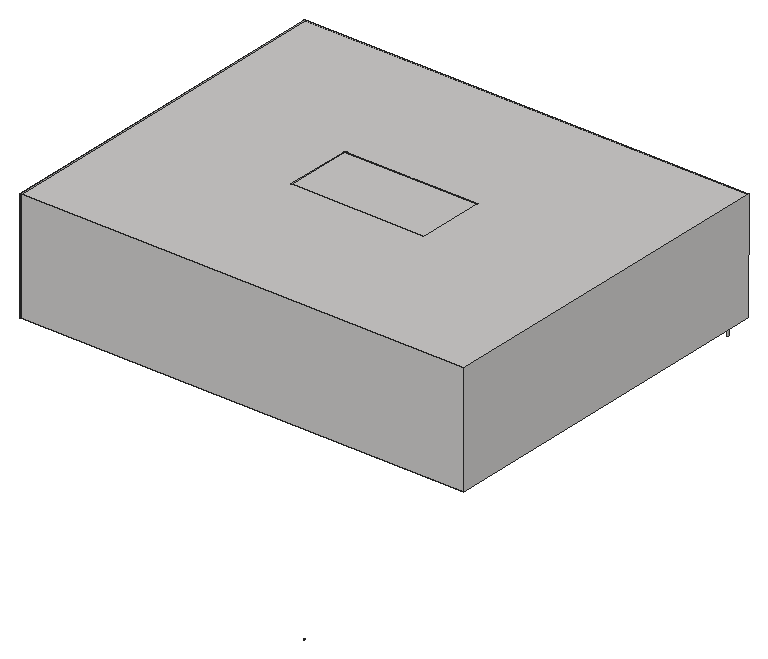
Revit family "QF_ELECTROLUXPROFESSIONAL_640280_VAP1620", category Specialty Equipment, Revit 2014
Reference planes
  plane 1: z = 0
  plane 2 "Center (Left/Right)": x = 150
  plane 3 "LEFT": x = -850
  plane 4 "RIGHT": x = 1150
  plane 5 "BACK": y = 550
  plane 6 "TOP": z = 2500
  plane 7 "Base": z = 2000
  plane 8: z = 1970
  plane 9 "DrainY": y = 450
  plane 10: x = -847
  plane 11 "DrainX": x = 1137
  plane 12 "AOLeft2": x = 450
  plane 13: x = 1147
  plane 14: x = -650
  plane 15: x = 950
  plane 16: x = 50
  plane 17: x = 250
  plane 18 "Center (Front/Back)": y = -250
  plane 19 "Front": y = -1050
  plane 20 "AOLeft1": x = -150
  plane 21: through (0, 550, 2133.855) normal (0, 0.5299, 0.848)
  plane 22: through (0, -1050, 2133.855) normal (0, 0.5299, -0.848)
  plane 23: y = -100
  plane 24: y = -400
Forms (mm)
  Extrusion 1, solid, material "QF_Finishes_Stainless Steel"
    sketch origin (-850, 0, 360) x (0, 1, 0) y (0, 0, 1)
      loop
        line (550, 1640) -> (550, 2140) -> (-1050, 2140) -> (-1050, 1640) -> (550, 1640)
    from 0 to 3
  Extrusion 2, solid, material "QF_Finishes_Stainless Steel"
    sketch origin (1150, 0, 360) x (0, 1, 0) y (0, 0, 1)
      loop
        line (550, 1640) -> (550, 2140) -> (-1050, 2140) -> (-1050, 1640) -> (550, 1640)
    from 0 to -3
  Extrusion 3, solid, material "QF_Finishes_Stainless Steel"
    sketch origin (150, 0, 360) x (0, 1, 0) y (0, 0, 1)
      loop
        line (-1050, 2140) -> (-1050, 1640) -> (-1040, 1640) -> (-1040, 1640.8) -> (-1049.2, 1640.8) -> (-1049.2, 2139.19) -> (549.2, 2139.19) -> (549.2, 1640.8) -> (540, 1640.8) -> (540, 1640) -> (550, 1640) -> (550, 2140) -> (-1050, 2140)
    from -1000 to 1000
  Extrusion 4, solid, material "QF_Finishes_Stainless Steel"
    sketch origin (0, 0, 2000) x (0, 1, 0) y (-1, 0, 0)
      loop
        circle (450, -1137) r 4.763
    from -30 to 0
  Extrusion 5, void
    sketch origin (0, 400, 2500) x (0, 1, 0) y (-1, 0, 0)
      loop
        line (-500, -450) -> (-500, 150) -> (-800, 150) -> (-800, -450) -> (-500, -450)
    from 0 to -10
  Extrusion 6, solid, material "QF_Finishes_Stainless Steel"
    sketch origin (0, 0, 0) x (1, 0, 0) y (0, 1, 0)
      loop
        line (-850, 550) -> (-850, 549) -> (-849, 549) -> (-849, 550) -> (-850, 550)
    from 0 to 1
  Extrusion 7, solid, material "QF_Finishes_Stainless Steel"
    sketch origin (150, 0, 360) x (0, 1, 0) y (0, 0, 1)
      loop
        line (503.5, 1837.574) -> (207.375, 2022.621) -> (192.198, 1998.364) -> (488.366, 1813.348) -> (503.5, 1837.574)
      loop
        line (-1003.5, 1837.574) -> (-988.366, 1813.348) -> (-692.198, 1998.364) -> (-707.375, 2022.621) -> (-1003.5, 1837.574)
    from -800 to -997
  Extrusion 8, solid, material "QF_Finishes_Stainless Steel"
    sketch origin (150, 0, 360) x (0, 1, 0) y (0, 0, 1)
      loop
        line (549.2, 1775.312) -> (472.742, 1823.075) -> (472.313, 1822.387) -> (549.2, 1774.355) -> (549.2, 1775.312)
      loop
        line (202.48, 1991.938) -> (126.212, 2039.602) -> (-626.212, 2039.602) -> (-702.48, 1991.938) -> (-702.062, 1991.27) -> (-626, 2038.801) -> (126, 2038.801) -> (202.063, 1991.27) -> (202.48, 1991.938)
      loop
        line (-1049.2, 1775.312) -> (-1049.2, 1774.355) -> (-972.312, 1822.387) -> (-972.742, 1823.075) -> (-1049.2, 1775.312)
    from -997 to 997
  Extrusion 9, solid, material "QF_Finishes_Stainless Steel"
    sketch origin (150, 0, 360) x (0, 1, 0) y (0, 0, 1)
      loop
        line (-707.375, 2022.621) -> (-1003.5, 1837.574) -> (-988.366, 1813.348) -> (-692.198, 1998.364) -> (-707.375, 2022.621)
      loop
        line (503.5, 1837.574) -> (207.375, 2022.621) -> (192.198, 1998.364) -> (488.366, 1813.348) -> (503.5, 1837.574)
    from 997 to 800
  Extrusion 10, solid, material "QF_Finishes_Stainless Steel"
    sketch origin (150, 0, 360) x (0, 1, 0) y (0, 0, 1)
      loop
        line (-707.375, 2022.621) -> (-1003.5, 1837.574) -> (-988.366, 1813.348) -> (-692.198, 1998.364) -> (-707.375, 2022.621)
      loop
        line (503.5, 1837.574) -> (207.375, 2022.621) -> (192.198, 1998.364) -> (488.366, 1813.348) -> (503.5, 1837.574)
    from -100 to 100
  Extrusion 11, solid, material "QF_Finished_Chrome"
    sketch origin (150, 0, 360) x (0, 1, 0) y (0, 0, 1)
      loop
        line (503.5, 1837.574) -> (207.375, 2022.621) -> (192.198, 1998.364) -> (488.366, 1813.348) -> (503.5, 1837.574)
      loop
        line (-707.375, 2022.621) -> (-1003.5, 1837.574) -> (-988.366, 1813.348) -> (-692.198, 1998.364) -> (-707.375, 2022.621)
    from -800 to -100
  Extrusion 12, solid, material "QF_Finished_Chrome"
    sketch origin (150, 0, 360) x (0, 1, 0) y (0, 0, 1)
      loop
        line (-707.375, 2022.621) -> (-1003.5, 1837.574) -> (-988.366, 1813.348) -> (-692.198, 1998.364) -> (-707.375, 2022.621)
      loop
        line (503.5, 1837.574) -> (207.375, 2022.621) -> (192.198, 1998.364) -> (488.366, 1813.348) -> (503.5, 1837.574)
    from 100 to 800
  Sweep 13, solid, material "QF_Finishes_Stainless Steel"
    path origin (0, 0, 0) x (1, 0, 0) y (0, 1, 0)
      loop
        line (1150, 550) -> (-850, 550) -> (-850, -1050) -> (1150, -1050) -> (1150, 550)
    profile origin (1150, -250, 0) x (1, 0, 0) y (0, 0, 1)
      loop
        line (-3, 2000) -> (-3, 2000.8) -> (-19, 2000.8) -> (-19, 2010) -> (-20, 2010) -> (-20, 2000) -> (-3, 2000)
Cuts and joins
  Extrusion 5 cuts Extrusion 3
  joined: Extrusion 2, Extrusion 3, Sweep 13
Lines and regions (mm)
  symbolic lines, style "SpecialityEquipment", detail levels coarse
    curve 1: line (1150, 550, 2500) -> (-850, 550, 2500)
    curve 2: line (-850, 550, 2500) -> (-850, -1050.8, 2500)
    curve 3: line (1150, -1050.8, 2500) -> (1150, 550, 2500)
    curve 4: line (-850, 550, 0) -> (1150, -1050, 0)
    curve 5: line (1150, 550, 0) -> (-850, -1050, 0)
  symbolic lines, detail levels coarse
    curve 6: line (-850, -1050, 0) -> (1150, -1050, 0)
    curve 7: line (-150, -100, 0) -> (450, -100, 0)
    curve 8: line (-150, -400, 0) -> (-150, -100, 0)
    curve 9: line (450, -400, 0) -> (-150, -400, 0)
    curve 10: line (450, -100, 0) -> (450, -400, 0)
Dimensions and locks
  plane 3 "LEFT" to plane 4 "RIGHT" = 2000 mm
  equal spacing: plane 3 "LEFT", plane 2 "Center (Left/Right)", plane 4 "RIGHT"
  plane 7 "Base" to plane 8 = 30 mm
  plane 5 "BACK" to plane 9 "DrainY" = 100 mm  (x2)
  plane 3 "LEFT" to plane 10 = 3 mm
  plane 11 "DrainX" to plane 4 "RIGHT" = 13 mm
  plane 13 to plane 4 "RIGHT" = 3 mm
  plane 3 "LEFT" to plane 14 = 200 mm
  plane 15 to plane 4 "RIGHT" = 200 mm
  locked: plane 7 "Base" to level at 2000
  locked: plane 6 "TOP" to plane 7 "Base" at 500
  locked: plane 16 to plane 17 at 200
  equal spacing: plane 16, plane 2 "Center (Left/Right)", plane 17
  plane 5 "BACK" to plane 19 "Front" = 1600 mm  (x2)
  equal spacing: plane 5 "BACK", plane 18 "Center (Front/Back)", plane 19 "Front"
  locked: plane 23 to plane 24 at 300
  equal spacing: plane 23, plane 18 "Center (Front/Back)", plane 24
  locked: plane 20 "AOLeft1" to plane 12 "AOLeft2" at 600
  equal spacing: plane 20 "AOLeft1", plane 2 "Center (Left/Right)", plane 12 "AOLeft2"
  aligned and locked: level to plane 1
  aligned and locked: plane 4 "RIGHT" to Extrusion 3
  aligned and locked: Extrusion 3 to plane 3 "LEFT"
  aligned and locked: Extrusion 7 to plane 10
  aligned and locked: Extrusion 7 to plane 14
  aligned and locked: Extrusion 2 to plane 13
  aligned and locked: plane 13 to Extrusion 9
  aligned and locked: plane 15 to Extrusion 9
  aligned and locked: Extrusion 10 to plane 17
  aligned and locked: Extrusion 10 to plane 16
  aligned and locked: Extrusion 11 to plane 16
  aligned and locked: Extrusion 11 to plane 14
  aligned and locked: Extrusion 12 to plane 17
  aligned and locked: Extrusion 12 to plane 15
  aligned and locked: Extrusion 8 to plane 10
  aligned and locked: Extrusion 8 to plane 13
  aligned and locked: Extrusion 1 to plane 19 "Front"
  aligned and locked: Extrusion 5 to plane 20 "AOLeft1"
  aligned and locked: Extrusion 5 to plane 12 "AOLeft2"
  aligned and locked: plane 23 to Extrusion 5 sketch curve
  aligned and locked: Extrusion 5 sketch curve to plane 24
Automatic sketch dimensions
  curve 2 to plane 3 "LEFT" = 0 mm
  curve 3 to plane 4 "RIGHT" = 0 mm
  curve 2 to plane 5 "BACK" = 0 mm
  curve 3 to plane 19 "Front" = 0.8 mm
  curve 2 to plane 19 "Front" = 0.8 mm
  Extrusion 1 sketch curve to plane 7 "Base" = 0 mm
  Extrusion 1 sketch curve to plane 19 "Front" = 0 mm
  Extrusion 1 sketch curve to plane 5 "BACK" = 0 mm
  Extrusion 1 sketch curve to plane 6 "TOP" = 0 mm
  Extrusion 2 sketch curve to plane 7 "Base" = 0 mm
  Extrusion 2 sketch curve to plane 19 "Front" = 0 mm
  Extrusion 2 sketch curve to plane 5 "BACK" = 0 mm
  Extrusion 2 sketch curve to plane 6 "TOP" = 0 mm
  Extrusion 3 sketch curve to plane 6 "TOP" = 0 mm
  Extrusion 3 sketch curve to plane 19 "Front" = 0 mm
  Extrusion 3 sketch curve to plane 7 "Base" = 0 mm  (x2)
  Extrusion 3 sketch curve to plane 5 "BACK" = 0 mm
  plane 19 "Front" to Extrusion 3 sketch curve = 0.8 mm
  Extrusion 3 sketch curve to Extrusion 3 sketch curve = 9.2 mm
  plane 7 "Base" to Extrusion 3 sketch curve = 0.8 mm  (x2)
  Extrusion 3 sketch curve to plane 5 "BACK" = 10 mm
  Extrusion 3 sketch curve to plane 5 "BACK" = 0.8 mm
  Extrusion 3 sketch curve to plane 6 "TOP" = 0.81 mm
  Extrusion 4 sketch curve to plane 9 "DrainY" = 0 mm
  Extrusion 4 sketch curve to plane 11 "DrainX" = 0 mm
  Extrusion 5 sketch curve to plane 12 "AOLeft2" = 0 mm
  Extrusion 5 sketch curve to plane 20 "AOLeft1" = 0 mm
  Extrusion 6 sketch curve to plane 3 "LEFT" = 0 mm
  Extrusion 6 sketch curve to plane 5 "BACK" = 0 mm
  plane 3 "LEFT" to Extrusion 6 sketch curve = 1 mm
  Extrusion 6 sketch curve to Extrusion 6 sketch curve = 1 mm
  Sweep 13 sketch curve to plane 3 "LEFT" = 0 mm
  Sweep 13 sketch curve to plane 4 "RIGHT" = 0 mm
  Sweep 13 sketch curve to plane 19 "Front" = 0 mm
  Sweep 13 sketch curve to plane 5 "BACK" = 0 mm
  profile plane to Sweep 13 sketch curve = 20 mm
  Sweep 13 sketch curve to Sweep 13 sketch curve = 1 mm
  profile plane to Sweep 13 sketch curve = 3 mm
  level to Sweep 13 sketch curve = 2000 mm
  Sweep 13 sketch curve to Sweep 13 sketch curve = 0.8 mm
  Sweep 13 sketch curve to Sweep 13 sketch curve = 9.2 mm
  plane 19 "Front" to Extrusion 8 sketch curve = 0.8 mm
  Extrusion 8 sketch curve to Extrusion 8 sketch curve = 0.43 mm  (x2)
  Extrusion 8 sketch curve to Extrusion 8 sketch curve = 0.418 mm  (x2)
  Extrusion 8 sketch curve to plane 9 "DrainY" = 324 mm
  Extrusion 8 sketch curve to plane 6 "TOP" = 100.398 mm
  Extrusion 8 sketch curve to Extrusion 8 sketch curve = 0.212 mm  (x2)
  Extrusion 8 sketch curve to Extrusion 8 sketch curve = 76.063 mm
  Extrusion 8 sketch curve to plane 6 "TOP" = 148.062 mm
  plane 9 "DrainY" to Extrusion 8 sketch curve = 22.313 mm
  Extrusion 8 sketch curve to plane 5 "BACK" = 0.8 mm
  plane 7 "Base" to Extrusion 8 sketch curve = 134.355 mm  (x2)
  Extrusion 8 sketch curve to Extrusion 8 sketch curve = 0.957 mm  (x2)
  Extrusion 8 sketch curve to Extrusion 8 sketch curve = 0.669 mm
  Extrusion 8 sketch curve to Extrusion 8 sketch curve = 76.268 mm
  Extrusion 8 sketch curve to Extrusion 8 sketch curve = 0.801 mm
  Extrusion 7 sketch curve to plane 9 "DrainY" = 257.802 mm
  Extrusion 7 sketch curve to plane 6 "TOP" = 117.379 mm
  Extrusion 7 sketch curve to Extrusion 7 sketch curve = 15.177 mm  (x2)
  plane 9 "DrainY" to Extrusion 7 sketch curve = 38.366 mm
  Extrusion 7 sketch curve to Extrusion 7 sketch curve = 15.134 mm
  plane 7 "Base" to Extrusion 7 sketch curve = 173.348 mm  (x2)
  Extrusion 7 sketch curve to Extrusion 7 sketch curve = 24.226 mm  (x2)
  Extrusion 7 sketch curve to Extrusion 7 sketch curve = 24.257 mm
  Extrusion 11 sketch curve to plane 5 "BACK" = 46.5 mm
  plane 7 "Base" to Extrusion 11 sketch curve = 197.574 mm
  Extrusion 11 sketch curve to Extrusion 11 sketch curve = 15.134 mm  (x2)
  Extrusion 11 sketch curve to plane 6 "TOP" = 117.379 mm
  Extrusion 11 sketch curve to Extrusion 11 sketch curve = 24.226 mm  (x2)
  Extrusion 11 sketch curve to Extrusion 11 sketch curve = 15.177 mm  (x2)
  Extrusion 11 sketch curve to Extrusion 11 sketch curve = 24.257 mm  (x2)
  Extrusion 11 sketch curve to plane 6 "TOP" = 141.636 mm
  Extrusion 10 sketch curve to plane 6 "TOP" = 117.379 mm  (x2)
  Extrusion 10 sketch curve to Extrusion 10 sketch curve = 24.257 mm  (x2)
  Extrusion 10 sketch curve to Extrusion 10 sketch curve = 24.226 mm  (x2)
  Extrusion 10 sketch curve to Extrusion 10 sketch curve = 15.177 mm  (x2)
  plane 9 "DrainY" to Extrusion 10 sketch curve = 38.366 mm
  Extrusion 10 sketch curve to Extrusion 10 sketch curve = 15.134 mm  (x2)
  plane 7 "Base" to Extrusion 10 sketch curve = 173.348 mm
  Extrusion 12 sketch curve to plane 6 "TOP" = 117.379 mm
  Extrusion 12 sketch curve to Extrusion 12 sketch curve = 15.177 mm  (x2)
  Extrusion 12 sketch curve to Extrusion 12 sketch curve = 24.257 mm  (x2)
  Extrusion 12 sketch curve to plane 6 "TOP" = 141.636 mm
  plane 7 "Base" to Extrusion 12 sketch curve = 197.574 mm  (x2)
  Extrusion 12 sketch curve to plane 9 "DrainY" = 257.802 mm
  plane 9 "DrainY" to Extrusion 12 sketch curve = 38.366 mm
  Extrusion 12 sketch curve to Extrusion 12 sketch curve = 15.134 mm  (x2)
  Extrusion 9 sketch curve to plane 6 "TOP" = 117.379 mm  (x2)
  Extrusion 9 sketch curve to Extrusion 9 sketch curve = 24.257 mm  (x2)
  Extrusion 9 sketch curve to Extrusion 9 sketch curve = 24.226 mm  (x2)
  Extrusion 9 sketch curve to plane 5 "BACK" = 46.5 mm
  plane 7 "Base" to Extrusion 9 sketch curve = 197.574 mm
  Extrusion 9 sketch curve to Extrusion 9 sketch curve = 15.134 mm  (x2)
  Extrusion 9 sketch curve to Extrusion 9 sketch curve = 15.177 mm  (x2)
  Extrusion 7 sketch curve to plane 6 "TOP" = 141.636 mm
  plane 19 "Front" to Extrusion 7 sketch curve = 357.802 mm
  plane 19 "Front" to Extrusion 7 sketch curve = 61.634 mm
  plane 19 "Front" to Extrusion 8 sketch curve = 77.258 mm
  Extrusion 8 sketch curve to Extrusion 8 sketch curve = 270.262 mm
  plane 19 "Front" to Extrusion 9 sketch curve = 357.802 mm
  plane 19 "Front" to Extrusion 9 sketch curve = 61.634 mm
  plane 19 "Front" to Extrusion 10 sketch curve = 357.802 mm
  plane 19 "Front" to Extrusion 10 sketch curve = 61.634 mm
  plane 19 "Front" to Extrusion 11 sketch curve = 357.802 mm
  plane 19 "Front" to Extrusion 11 sketch curve = 61.634 mm
  plane 19 "Front" to Extrusion 12 sketch curve = 357.802 mm
  plane 19 "Front" to Extrusion 12 sketch curve = 61.634 mm
  curve 6 to plane 3 "LEFT" = 0 mm
  curve 4 to plane 3 "LEFT" = 0 mm
  curve 9 to plane 20 "AOLeft1" = 0 mm
  curve 10 to plane 12 "AOLeft2" = 0 mm
  curve 4 to plane 4 "RIGHT" = 0 mm
  curve 5 to plane 4 "RIGHT" = 0 mm
  curve 4 to plane 19 "Front" = 0 mm
  curve 9 to plane 24 = 0 mm
  curve 8 to plane 23 = 0 mm
  curve 4 to plane 5 "BACK" = 0 mm
  curve 5 to plane 5 "BACK" = 0 mm
  radius of Extrusion 4 sketch curve = 4.763 mm
Connectors
  piping at (1137, 450, 1970), diameter 9.5
    settings: on Extrusion 4, index 1, connector inside diameter 609.6 mm, connector length 0 mm, flow factor 0, pipe flow 0.0 L/s, pressure drop 0.0 Pa, fitting loss kfactor 0, connector angle 0.00°, fixture units 0, engagement length 0 mm, angle of deflection 0.00°, flow configuration 1, flow direction 2, fitting loss method 0, system type 16, joint type 0, gender type 0, connector reference index -1, connector utility 0, adjustable connector no, is connector primary yes, connector description "Drain"
  hvac at (150, -250, 2500)
    settings: on Extrusion 5, index 2, duct flow 0.0 L/s, flow factor 0, pres drop 0.0 Pa, loss coef 0, conn angle 0.00°, conn width 300 mm, conn height 600 mm, conn diameter 609.6 mm, duct sys type 3, conn prof type 1, flow config 1, flow direction 2, loss method 0, conn ref index -1, conn util no, is conn primary yes, conn desc "EXHAUST OUTLET"
